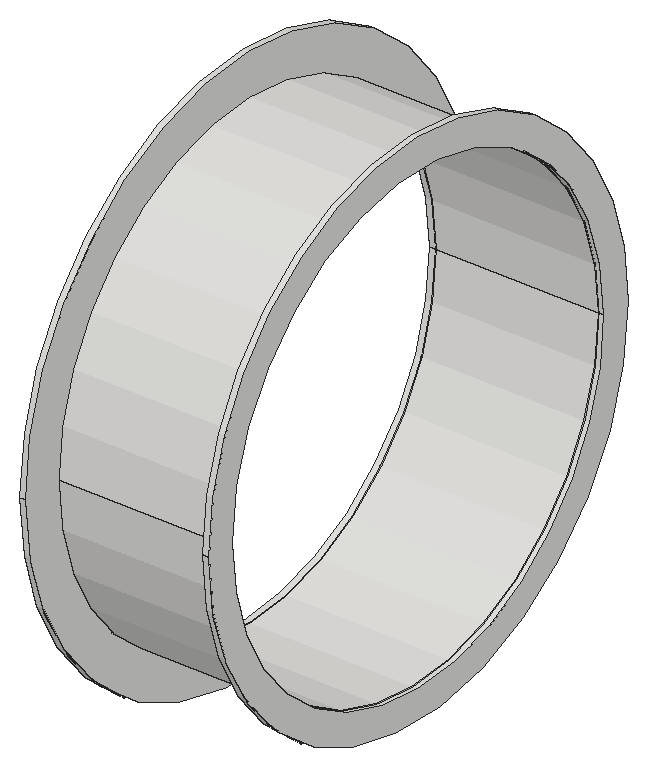
Revit family "НЕBАТОМ_Переходный патрубок VO, Версия 1", category Оборудование, Revit 2017
Family settings
  Размер круглого соединителя = Использовать диаметр
  Тип детали = Нормальный
  На основе рабочей плоскости = Нет
  Всегда вертикально = Нет
  При загрузке вырезать с полостями = Нет
  Общий = Нет
  Точка расчета площади = Нет
Parameters (values of type "Переходный патрубок VO №4,0")
  толщина стенки = 5 mm
  Nevatom_URL = "https://t.me/NEVATOM_Bim_bot"
  L = 150 mm
  Dнф = 450 mm
  Dнв = 480 mm
  D1 = D  # 400 mm
  D внутренний = D  # 400 mm
  D внешний = D + 10 mm  # 410 mm
  D = 400 mm
  ADSK_Примечание = ""
  ADSK_Позиция = ""
  ADSK_Наименование = "Переходный патрубок"  # constant formula
  ADSK_Материал наименование = "сталь оцинкованная"
  ADSK_Масса = 7.3
  ADSK_Марка = "VO-400"
  ADSK_Количество = 1  # constant formula
  ADSK_Код изделия = ""
  ADSK_Завод-изготовитель = "НЕВАТОМ"  # constant formula
  ADSK_Единица измерения = "шт."  # constant formula
Types (12, lengths in mm): name | Dнф | Dнв | D1 | D внутренний | D внешний | D | ADSK_Масса | ADSK_Марка
  (no name) | 450 | 480 | 400 | 400 | 410 | 400 | 7.3 | "VO-400"
  Переходный патрубок VO №4,0 | 450 | 480 | 400 | 400 | 410 | 400 | 7.3 | "VO-400"
  Переходный патрубок VO №4,5 | 500 | 530 | 450 | 450 | 460 | 450 | 9.9 | "VO-450"
  Переходный патрубок VO №5,0 | 550 | 590 | 500 | 500 | 510 | 500 | 11.3 | "VO-500"
  Переходный патрубок VO №5,6 | 610 | 650 | 560 | 560 | 570 | 560 | 13.9 | "VO-560"
  Переходный патрубок VO №6,3 | 680 | 730 | 630 | 630 | 640 | 630 | 14.5 | "VO-630"
  Переходный патрубок VO №7,1 | 790 | 810 | 710 | 710 | 720 | 710 | 21 | "VO-710"
  Переходный патрубок VO №8,0 | 864 | 900 | 800 | 800 | 810 | 800 | 23 | "VO-800"
  Переходный патрубок VO №9,0 | 964 | 1010 | 900 | 900 | 910 | 900 | 27.1 | "VO-900"
  Переходный патрубок VO №10,0 | 1080 | 1100 | 1000 | 1000 | 1010 | 1000 | 30.5 | "VO-1000"
  Переходный патрубок VO №11,2 | 1184 | 1230 | 1120 | 1120 | 1130 | 1120 | 36.2 | "VO-1120"
  Переходный патрубок VO №12,5 | 1330 | 1360 | 1250 | 1250 | 1260 | 1250 | 41.9 | "VO-1250"
Reference planes
  plane 1 "По центру (Вперед/Назад)": y = 0
  plane 2: z = 0
  plane 3 "По центру (Влево/Вправо)": x = 0
  plane 4: z = 761.574
  plane 5: y = -865.167
  plane 6: y = 810.339
  plane 7: z = -778.537
  plane 8: x = 150
  plane 9: x = 5
  plane 10: x = 145
Forms (mm)
  Extrusion 1, solid, material "Сталь оцинкованная"
    sketch origin (0, 0, 0) x (0, 1, 0) y (0, 0, 1)
      loop
        circle (0, 0) r 200
      loop
        circle (0, 0) r 205
    from 0 to 145
  Extrusion 2, solid, material "Сталь оцинкованная"
    sketch origin (345, 0, 0) x (0, 1, 0) y (0, 0, 1)
      loop
        circle (0, 0) r 225
      loop
        circle (0, 0) r 200
    from -200 to -195
  Extrusion 3, solid, material "Сталь оцинкованная"
    sketch origin (0, 0, 0) x (0, 1, 0) y (0, 0, 1)
      loop
        circle (0, 0) r 200
      loop
        circle (0, 0) r 240
    from 0 to 5
Dimensions and locks
  "L": plane 8 to plane 3 "По центру (Влево/Вправо)"
  "толщина стенки": plane 9 to plane 3 "По центру (Влево/Вправо)"
  "толщина стенки": plane 8 to plane 10
  "D внутренний": diameter of Extrusion 1 sketch curve
  "D внешний": diameter of Extrusion 1 sketch curve
  "D1": diameter of Extrusion 2 sketch curve
  "Dнф": diameter of Extrusion 2 sketch curve
  "Dнв": diameter of Extrusion 3 sketch curve
  "D": diameter of Extrusion 3 sketch curve
  aligned and locked: level to plane 2
  aligned and locked: Extrusion 2 to plane 10
  aligned and locked: Extrusion 3 to plane 9
Automatic sketch dimensions
  Extrusion 1 sketch curve to Extrusion 1 sketch curve = 0 mm  (x2)
  Extrusion 1 sketch curve to level = 0 mm
  Extrusion 1 sketch curve to plane 1 "По центру (Вперед/Назад)" = 0 mm
  Extrusion 2 sketch curve to Extrusion 2 sketch curve = 0 mm  (x2)
  Extrusion 2 sketch curve to level = 0 mm
  Extrusion 2 sketch curve to plane 1 "По центру (Вперед/Назад)" = 0 mm
  Extrusion 3 sketch curve to Extrusion 3 sketch curve = 0 mm  (x2)
  Extrusion 3 sketch curve to level = 0 mm
  Extrusion 3 sketch curve to plane 1 "По центру (Вперед/Назад)" = 0 mm
Connectors
  hvac at (145, 0, 0), driven by "D"
    settings: on Extrusion 1, index 1, duct flow 0.0 L/s, flow factor 0, pres drop 0.0 Pa, loss coef 0, conn angle 0.00°, conn width 304.8 mm, conn height 304.8 mm, conn diameter 400 mm, duct sys type 29, conn prof type 0, flow config 0, flow direction 0, loss method 0, conn ref index 2, conn util no, is conn primary yes, conn desc ""
  hvac at (0, 0, 0), driven by "D"
    settings: on Extrusion 1, index 2, duct flow 0.0 L/s, flow factor 0, pres drop 0.0 Pa, loss coef 0, conn angle 0.00°, conn width 304.8 mm, conn height 304.8 mm, conn diameter 400 mm, duct sys type 29, conn prof type 0, flow config 0, flow direction 0, loss method 0, conn ref index 1, conn util no, is conn primary no, conn desc ""
